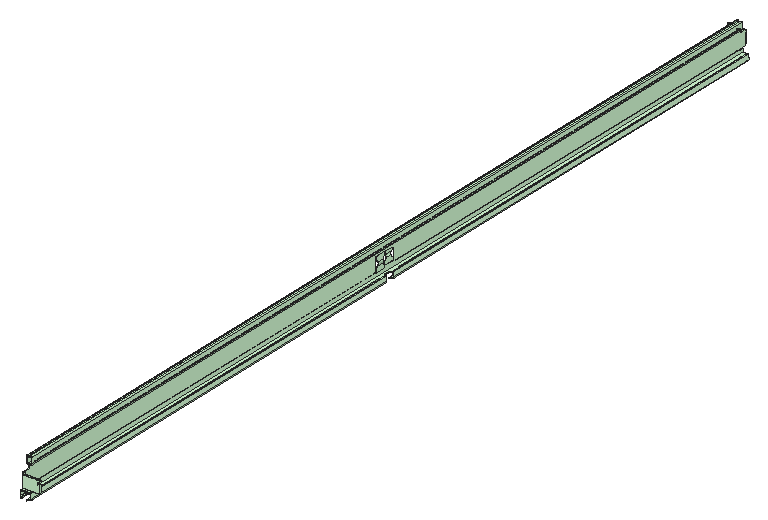
Revit family "eYバー4815メインクロス(600グリッド用）", category 機械設備, Revit 2020
Family settings
  丸型コネクタ寸法 = 直径を使用
  種別 = なし
  パーツ タイプ = 標準
  作業面ベース = いいえ
  常に垂直 = はい
  ロード時にボイドで切り取り = いいえ
  共有 = いいえ
  部屋計算ポイント = いいえ
Parameters
  製造元 = "株式会社桐井製作所"
  既定の高さ = 0 mm
  URL = "https://www.kirii.co.jp/"
  K_長さ(mm) = 1200 mm
  K_材質 = "溶融亜鉛めっき鋼板及び鋼帯SGCC 一般用　カラー鋼板"
  K_品名 = "eYバー4815メインクロス(600グリッド用)"
  K_名称 = "Yバー"
  K_入数 = "30"
  K_バージョン情報 = "20220411"
  K_めっき付着量 = "JIS G 3302 Z12、カラー鋼板　塗装膜厚20μ(白色)"
  K_JIS規格 = "JIS G 3302"
Reference planes
  plane 1 "中心(正面/背面)": y = 0
  plane 2: z = 0
  plane 3 "中心(左/右)": x = 0
  plane 4: y = 1200
Forms (mm)
  Extrusion 1, solid
    sketch origin (0, -1320, 7.1) x (-1, 0, 0) y (0, 0, 1)
      loop
        arc (6.336, -7.1) -> (7.064, -6.785) -> (7.334, -6.038) r 1
        line (7.334, -6.038) -> (6.959, -0.038)
        arc (6.959, -0.038) -> (6.645, 0.629) -> (5.961, 0.9) r 1
        line (5.961, 0.9) -> (0.4, 0.9) -> (0.4, 31)
        arc (0.4, 31) -> (0.715, 31.465) -> (1.263, 31.343) r 0.5
        arc (1.263, 31.343) -> (1.627, 31.018) -> (2.1, 30.9) r 1.011
        arc (2.1, 30.9) -> (2.736, 31.164) -> (3, 31.8) r 0.9
        line (3, 31.8) -> (3, 39.9)
        arc (3, 39.9) -> (2.473, 40.781) -> (1.448, 40.734) r 1
        line (1.448, 40.734) -> (0, 39.782) -> (-1.448, 40.734)
        arc (-1.448, 40.734) -> (-2.473, 40.781) -> (-3, 39.9) r 1
        line (-3, 39.9) -> (-3, 31.8)
        arc (-3, 31.8) -> (-2.736, 31.164) -> (-2.1, 30.9) r 0.9
        arc (-2.1, 30.9) -> (-1.627, 31.018) -> (-1.263, 31.343) r 1.011
        arc (-1.263, 31.343) -> (-0.715, 31.465) -> (-0.4, 31) r 0.5
        line (-0.4, 31) -> (-0.4, 0.9) -> (-5.961, 0.9)
        arc (-5.961, 0.9) -> (-6.645, 0.629) -> (-6.959, -0.036) r 1
        line (-6.959, -0.036) -> (-7.334, -6.039)
        arc (-7.334, -6.039) -> (-7.064, -6.785) -> (-6.336, -7.1) r 1
        line (-6.336, -7.1) -> (-3.65, -7.1)
        arc (-3.65, -7.1) -> (-3.4, -6.85) -> (-3.65, -6.6) r 0.25
        line (-3.65, -6.6) -> (-6.336, -6.6)
        arc (-6.336, -6.6) -> (-6.7, -6.442) -> (-6.835, -6.069) r 0.5
        line (-6.835, -6.069) -> (-6.46, -0.069)
        arc (-6.46, -0.069) -> (-6.2, 0.339) -> (-5.718, 0.337) r 0.5
        arc (-5.718, 0.337) -> (-5.317, 0.087) -> (-4.852, 0) r 1.28
        line (-4.852, 0) -> (4.852, 0)
        arc (4.852, 0) -> (5.317, 0.087) -> (5.718, 0.337) r 1.28
        arc (5.718, 0.337) -> (6.2, 0.339) -> (6.46, -0.069) r 0.5
        line (6.46, -0.069) -> (6.835, -6.069)
        arc (6.835, -6.069) -> (6.7, -6.442) -> (6.336, -6.6) r 0.5
        line (6.336, -6.6) -> (3.65, -6.6)
        arc (3.65, -6.6) -> (3.4, -6.85) -> (3.65, -7.1) r 0.25
        line (3.65, -7.1) -> (6.336, -7.1)
      loop
        arc (-1.668, 40.4) -> (-2.283, 40.429) -> (-2.6, 39.9) r 0.6
        line (-2.6, 39.9) -> (-2.6, 31.8)
        arc (-2.6, 31.8) -> (-2.302, 31.342) -> (-1.763, 31.431) r 0.5
        line (-1.763, 31.431) -> (-1.063, 31.885)
        arc (-1.063, 31.885) -> (-0.324, 31.692) -> (0, 31) r 0.9
        arc (0, 31) -> (0.324, 31.692) -> (1.063, 31.885) r 0.9
        line (1.063, 31.885) -> (1.763, 31.431)
        arc (1.763, 31.431) -> (2.302, 31.342) -> (2.6, 31.8) r 0.5
        line (2.6, 31.8) -> (2.6, 39.9)
        arc (2.6, 39.9) -> (2.283, 40.429) -> (1.668, 40.4) r 0.6
        line (1.668, 40.4) -> (0.549, 39.664)
        arc (0.549, 39.664) -> (0, 39.5) -> (-0.549, 39.664) r 1
        line (-0.549, 39.664) -> (-1.668, 40.4)
    from 1320 to 2520
  Extrusion 2, void
    sketch origin (0.4, 300, 38.1) x (0, 0, 1) y (0, 1, 0)
      loop
        line (-5.5, 284.4) -> (-5.5, 315.6) -> (-23.1, 315.6) -> (-23.1, 284.4) -> (-5.5, 284.4)
    from 0 to 0.8
  Extrusion 3, void
    sketch origin (0, 2112.859, 0) x (-1, 0, 0) y (0, -1, 0)
      loop
        line (8.021, 1505.493) -> (8.021, 1520.226) -> (3.318, 1516.682) -> (3.318, 1509.037) -> (8.021, 1505.493)
    from 0 to 8
  Extrusion 4, void
    sketch origin (0, 2112.859, 0) x (1, 0, 0) y (0, 1, 0)
      loop
        line (8.021, -1505.493) -> (3.318, -1509.037) -> (3.318, -1516.682) -> (8.021, -1520.226) -> (8.021, -1505.493)
    from 0 to 8
  Extrusion 5, solid
    sketch origin (-0.114, 4.062, 23.4) x (1, 0, 0) y (0, 1, 0)
      loop
        line (24.214, -7.2) -> (24.214, -6.4) -> (1.714, -6.4)
        arc (1.714, -6.4) -> (0.866, -6.049) -> (0.514, -5.2) r 1.2
        line (0.514, -5.2) -> (0.514, -2.803) -> (-0.286, -2.803) -> (-0.286, -5.2)
        arc (-0.286, -5.2) -> (0.3, -6.614) -> (1.714, -7.2) r 2
        line (1.714, -7.2) -> (24.214, -7.2)
    from -7.401 to 9.571
  Extrusion 6, void
    sketch origin (0, 4.062, 0) x (1, 0, 0) y (0, 0, 1)
      loop
        line (2.6, 31.999) -> (23.1, 31.999)
        arc (23.1, 31.999) -> (23.807, 31.706) -> (24.1, 30.999) r 1
        line (24.1, 30.999) -> (24.1, 32.971) -> (2.6, 32.971) -> (2.6, 31.999)
    from 6.4 to 7.2
  Extrusion 7, void
    sketch origin (0, 4.062, 0) x (1, 0, 0) y (0, 0, 1)
      loop
        line (24.1, 26.599) -> (24.1, 28.599) -> (21.1, 28.599) -> (21.1, 26.599) -> (24.1, 26.599)
    from 6.4 to 7.2
  Extrusion 8, void
    sketch origin (0, 4.062, 0) x (1, 0, 0) y (0, 0, 1)
      loop
        line (24.1, 15.999) -> (24.1, 16.999)
        arc (24.1, 16.999) -> (23.329, 16.289) -> (22.322, 15.999) r 2.28
        line (22.322, 15.999) -> (24.1, 15.999)
    from 6.4 to 7.2
  Extrusion 9, void
    sketch origin (0, 0, 0) x (1, 0, 0) y (0, 1, 0)
      loop
        line (-7.486, 0) -> (-3.854, 0) -> (-7.486, 3.632) -> (-7.486, 0)
    from -0.436 to 1.326
  Extrusion 10, void
    sketch origin (0, 0, 0) x (0, 1, 0) y (0, 0, 1)
      loop
        line (9.063, 48.134) -> (0, 48.134) -> (0, 32.971) -> (9.063, 32.971) -> (9.063, 48.134)
    from -3.77 to 3.77
  Extrusion 11, void
    sketch origin (0, 0, 0) x (0, 1, 0) y (0, 0, 1)
      loop
        line (10.963, 11.971) -> (10.963, 14.971) -> (0, 14.971) -> (0, 1.326) -> (3.047, 1.326) -> (3.047, 11.971) -> (10.963, 11.971)
    from -7.486 to 8.021
  Extrusion 12, void
    sketch origin (0, 0, 0) x (-1, 0, 0) y (0, -1, 0)
      loop
        line (-7.486, 0) -> (-7.486, -3.632) -> (-3.854, 0) -> (-7.486, 0)
    from -0.436 to 1.326
  Extrusion 13, void
    sketch origin (0, 1200, 0) x (0, -1, 0) y (0, 0, -1)
      loop
        line (10.963, -11.971) -> (3.047, -11.971) -> (3.047, -1.326) -> (0, -1.326) -> (0, -14.971) -> (10.963, -14.971) -> (10.963, -11.971)
    from -7.486 to 8.021
  Extrusion 14, void
    sketch origin (0, 1200, 0) x (1, 0, 0) y (0, 1, 0)
      loop
        line (-7.486, 0) -> (-7.486, -3.632) -> (-3.854, 0) -> (-7.486, 0)
    from -0.436 to 1.326
  Extrusion 15, void
    sketch origin (0, 1200, 0) x (0, -1, 0) y (0, 0, -1)
      loop
        line (9.063, -48.134) -> (9.063, -32.971) -> (0, -32.971) -> (0, -48.134) -> (9.063, -48.134)
    from -3.77 to 3.77
  Extrusion 16, void
    sketch origin (0, 1200, 0) x (-1, 0, 0) y (0, -1, 0)
      loop
        line (-7.486, 0) -> (-3.854, 0) -> (-7.486, 3.632) -> (-7.486, 0)
    from -0.436 to 1.326
  Extrusion 17, solid
    sketch origin (0, -1320, 7.1) x (1, 0, 0) y (0, 0, -1)
      loop
        line (6.336, 7.1) -> (3.65, 7.1)
        arc (3.65, 7.1) -> (3.4, 6.85) -> (3.65, 6.6) r 0.25
        line (3.65, 6.6) -> (6.336, 6.6)
        arc (6.336, 6.6) -> (6.7, 6.442) -> (6.835, 6.069) r 0.5
        line (6.835, 6.069) -> (6.46, 0.069)
        arc (6.46, 0.069) -> (6.2, -0.339) -> (5.718, -0.337) r 0.5
        arc (5.718, -0.337) -> (5.317, -0.087) -> (4.852, 0) r 1.28
        line (4.852, 0) -> (-4.852, 0)
        arc (-4.852, 0) -> (-5.317, -0.087) -> (-5.718, -0.337) r 1.28
        arc (-5.718, -0.337) -> (-6.2, -0.339) -> (-6.46, 0.069) r 0.5
        line (-6.46, 0.069) -> (-6.835, 6.069)
        arc (-6.835, 6.069) -> (-6.7, 6.442) -> (-6.336, 6.6) r 0.5
        line (-6.336, 6.6) -> (-3.65, 6.6)
        arc (-3.65, 6.6) -> (-3.4, 6.85) -> (-3.65, 7.1) r 0.25
        line (-3.65, 7.1) -> (-6.336, 7.1)
        arc (-6.336, 7.1) -> (-7.064, 6.785) -> (-7.334, 6.039) r 1
        line (-7.334, 6.039) -> (-6.959, 0.036)
        arc (-6.959, 0.036) -> (-6.645, -0.629) -> (-5.961, -0.9) r 1
        line (-5.961, -0.9) -> (-0.4, -0.9) -> (-0.4, -31)
        arc (-0.4, -31) -> (-0.715, -31.465) -> (-1.263, -31.343) r 0.5
        arc (-1.263, -31.343) -> (-1.627, -31.018) -> (-2.1, -30.9) r 1.011
        arc (-2.1, -30.9) -> (-2.736, -31.164) -> (-3, -31.8) r 0.9
        line (-3, -31.8) -> (-3, -39.9)
        arc (-3, -39.9) -> (-2.473, -40.781) -> (-1.448, -40.734) r 1
        line (-1.448, -40.734) -> (0, -39.782) -> (1.448, -40.734)
        arc (1.448, -40.734) -> (2.473, -40.781) -> (3, -39.9) r 1
        line (3, -39.9) -> (3, -31.8)
        arc (3, -31.8) -> (2.736, -31.164) -> (2.1, -30.9) r 0.9
        arc (2.1, -30.9) -> (1.627, -31.018) -> (1.263, -31.343) r 1.011
        arc (1.263, -31.343) -> (0.715, -31.465) -> (0.4, -31) r 0.5
        line (0.4, -31) -> (0.4, -0.9) -> (5.961, -0.9)
        arc (5.961, -0.9) -> (6.645, -0.629) -> (6.959, 0.038) r 1
        line (6.959, 0.038) -> (7.334, 6.038)
        arc (7.334, 6.038) -> (7.064, 6.785) -> (6.336, 7.1) r 1
      loop
        line (-1.668, -40.4) -> (-0.549, -39.664)
        arc (-0.549, -39.664) -> (0, -39.5) -> (0.549, -39.664) r 1
        line (0.549, -39.664) -> (1.668, -40.4)
        arc (1.668, -40.4) -> (2.283, -40.429) -> (2.6, -39.9) r 0.6
        line (2.6, -39.9) -> (2.6, -31.8)
        arc (2.6, -31.8) -> (2.302, -31.342) -> (1.763, -31.431) r 0.5
        line (1.763, -31.431) -> (1.063, -31.885)
        arc (1.063, -31.885) -> (0.324, -31.692) -> (0, -31) r 0.9
        arc (0, -31) -> (-0.324, -31.692) -> (-1.063, -31.885) r 0.9
        line (-1.063, -31.885) -> (-1.763, -31.431)
        arc (-1.763, -31.431) -> (-2.302, -31.342) -> (-2.6, -31.8) r 0.5
        line (-2.6, -31.8) -> (-2.6, -39.9)
        arc (-2.6, -39.9) -> (-2.283, -40.429) -> (-1.668, -40.4) r 0.6
    from 1320 to 2520
  Extrusion 18, void
    sketch origin (-0.4, 300, 38.1) x (0, 0, 1) y (0, -1, 0)
      loop
        line (-5.5, -284.4) -> (-23.1, -284.4) -> (-23.1, -315.6) -> (-5.5, -315.6) -> (-5.5, -284.4)
    from 0 to 0.8
  Extrusion 19, void
    sketch origin (0, 2112.859, 0) x (1, 0, 0) y (0, 1, 0)
      loop
        line (8.021, -1505.493) -> (3.318, -1509.037) -> (3.318, -1516.682) -> (8.021, -1520.226) -> (8.021, -1505.493)
    from 0 to 8
  Extrusion 20, void
    sketch origin (0.4, 318.192, 38.412) x (0, 0, 1) y (0, 1, 0)
      loop
        line (-19.9, 284.4) -> (-8.7, 284.4)
        arc (-8.7, 284.4) -> (-14.3, 287.9) -> (-19.9, 284.4) r 6.23
      loop
        line (-8.7, 297.4) -> (-19.9, 297.4)
        arc (-19.9, 297.4) -> (-14.3, 293.9) -> (-8.7, 297.4) r 6.23
    from 1.2 to 3.447
  Extrusion 21, solid
    sketch origin (0.081, 318.2, -0.26) x (1, 0, 0) y (0, 0, 1)
      loop
        line (-0.387, 33.66) -> (-2.087, 33.66) -> (-2.087, 26.56)
        arc (-2.087, 26.56) -> (-3.087, 24.26) -> (-2.088, 21.96) r 3.145
        line (-2.088, 21.96) -> (-2.087, 14.46) -> (-0.387, 14.46) -> (-0.387, 15.26) -> (-1.487, 15.26) -> (-1.487, 22.238)
        arc (-1.487, 22.238) -> (-2.487, 24.267) -> (-1.476, 26.291) r 2.545
        line (-1.476, 26.291) -> (-1.476, 32.86) -> (-0.387, 32.86) -> (-0.387, 33.66)
    from -297.4 to -284.4
  Extrusion 22, solid
    sketch origin (-0.081, 300, -0.26) x (-1, 0, 0) y (0, 0, -1)
      loop
        line (-0.387, -33.66) -> (-0.387, -32.86) -> (-1.476, -32.86) -> (-1.476, -26.291)
        arc (-1.476, -26.291) -> (-2.487, -24.267) -> (-1.487, -22.238) r 2.545
        line (-1.487, -22.238) -> (-1.487, -15.26) -> (-0.387, -15.26) -> (-0.387, -14.46) -> (-2.087, -14.46) -> (-2.088, -21.96)
        arc (-2.088, -21.96) -> (-3.087, -24.26) -> (-2.087, -26.56) r 3.145
        line (-2.087, -26.56) -> (-2.087, -33.66) -> (-0.387, -33.66)
    from -297.4 to -284.4
  Extrusion 23, void
    sketch origin (-0.4, 299.992, 38.413) x (0, 0, 1) y (0, -1, 0)
      loop
        arc (-19.9, -284.4) -> (-14.3, -287.9) -> (-8.7, -284.4) r 6.23
        line (-8.7, -284.4) -> (-19.9, -284.4)
      loop
        arc (-8.7, -297.4) -> (-14.3, -293.9) -> (-19.9, -297.4) r 6.23
        line (-19.9, -297.4) -> (-8.7, -297.4)
    from 1.2 to 3.447
  Extrusion 24, void
    sketch origin (0, 2112.859, 0) x (-1, 0, 0) y (0, -1, 0)
      loop
        line (8.021, 1505.493) -> (8.021, 1520.226) -> (3.318, 1516.682) -> (3.318, 1509.037) -> (8.021, 1505.493)
    from 0 to 8
  Extrusion 25, void
    sketch origin (0, 0, 0) x (-1, 0, 0) y (0, -1, 0)
      loop
        line (-7.486, 0) -> (-7.486, -3.632) -> (-3.854, 0) -> (-7.486, 0)
    from -0.436 to 1.326
  Extrusion 26, void
    sketch origin (0, 0, 0) x (0, 1, 0) y (0, 0, -1)
      loop
        line (9.063, -48.134) -> (9.063, -32.971) -> (0, -32.971) -> (0, -48.134) -> (9.063, -48.134)
    from -3.77 to 3.77
  Extrusion 27, void
    sketch origin (0, 0, 0) x (0, 1, 0) y (0, 0, -1)
      loop
        line (10.963, -11.971) -> (3.047, -11.971) -> (3.047, -1.326) -> (0, -1.326) -> (0, -14.971) -> (10.963, -14.971) -> (10.963, -11.971)
    from -7.486 to 8.021
  Extrusion 28, void
    sketch origin (0, 0, 0) x (1, 0, 0) y (0, 1, 0)
      loop
        line (-7.486, 0) -> (-3.854, 0) -> (-7.486, 3.632) -> (-7.486, 0)
    from -0.436 to 1.326
  Extrusion 29, void
    sketch origin (0, 1200, 0) x (0, -1, 0) y (0, 0, 1)
      loop
        line (10.963, 11.971) -> (10.963, 14.971) -> (0, 14.971) -> (0, 1.326) -> (3.047, 1.326) -> (3.047, 11.971) -> (10.963, 11.971)
    from -7.486 to 8.021
  Extrusion 30, solid
    sketch origin (0.114, 1195.937, 23.4) x (-1, 0, 0) y (0, -1, 0)
      loop
        line (24.214, -7.2) -> (24.214, -6.4) -> (1.714, -6.4)
        arc (1.714, -6.4) -> (0.866, -6.049) -> (0.514, -5.2) r 1.2
        line (0.514, -5.2) -> (0.514, -2.803) -> (-0.286, -2.803) -> (-0.286, -5.2)
        arc (-0.286, -5.2) -> (0.3, -6.614) -> (1.714, -7.2) r 2
        line (1.714, -7.2) -> (24.214, -7.2)
    from -7.401 to 8.599
  Extrusion 31, void
    sketch origin (0, 1200, 0) x (-1, 0, 0) y (0, -1, 0)
      loop
        line (-7.486, 0) -> (-3.854, 0) -> (-7.486, 3.632) -> (-7.486, 0)
    from -0.436 to 1.326
  Extrusion 32, void
    sketch origin (0, 1200, 0) x (0, -1, 0) y (0, 0, 1)
      loop
        line (9.063, 48.134) -> (0, 48.134) -> (0, 32.971) -> (9.063, 32.971) -> (9.063, 48.134)
    from -3.77 to 3.77
  Extrusion 33, void
    sketch origin (0, 1200, 0) x (1, 0, 0) y (0, 1, 0)
      loop
        line (-7.486, 0) -> (-7.486, -3.632) -> (-3.854, 0) -> (-7.486, 0)
    from -0.436 to 1.326
  Extrusion 34, void
    sketch origin (0, 1205.475, 0) x (-1, 0, 0) y (0, 0, -1)
      loop
        line (23.1, -31.999) -> (24.1, -31.999) -> (24.1, -30.999)
        arc (24.1, -30.999) -> (23.807, -31.706) -> (23.1, -31.999) r 1
    from 2.337 to 3.137
  Extrusion 35, void
    sketch origin (0, 1209.537, 0) x (-1, 0, 0) y (0, 0, -1)
      loop
        line (24.1, -26.599) -> (21.1, -26.599) -> (21.1, -28.599) -> (24.1, -28.599) -> (24.1, -26.599)
    from 6.4 to 7.2
  Extrusion 36, void
    sketch origin (0, 1209.537, 0) x (-1, 0, 0) y (0, 0, -1)
      loop
        line (24.1, -15.999) -> (22.322, -15.999)
        arc (22.322, -15.999) -> (23.329, -16.289) -> (24.1, -16.999) r 2.28
        line (24.1, -16.999) -> (24.1, -15.999)
    from 6.4 to 7.2
Cuts and joins
  Extrusion 2, Extrusion 3, Extrusion 4, Extrusion 9, Extrusion 10, Extrusion 11, Extrusion 12, Extrusion 13, Extrusion 14, Extrusion 15, Extrusion 16, Extrusion 18, Extrusion 25, Extrusion 26, Extrusion 32, Extrusion 34, Extrusion 35, Extrusion 36 cuts Extrusion 1
  Extrusion 6, Extrusion 7, Extrusion 8, Extrusion 11, Extrusion 13, Extrusion 15, Extrusion 18, Extrusion 25, Extrusion 26, Extrusion 32, Extrusion 34, Extrusion 35, Extrusion 36 cuts Extrusion 5
  joined: Extrusion 1, Extrusion 5
  Extrusion 18, Extrusion 19, Extrusion 24, Extrusion 25, Extrusion 26, Extrusion 27, Extrusion 28, Extrusion 29, Extrusion 31, Extrusion 32, Extrusion 33 cuts Extrusion 17
  Extrusion 20 cuts Extrusion 21
  Extrusion 23 cuts Extrusion 22
  Extrusion 34, Extrusion 35, Extrusion 36 cuts Extrusion 30
  joined: Extrusion 17, Extrusion 21, Extrusion 22, Extrusion 30
Dimensions and locks
  plane 4 to plane 1 "中心(正面/背面)" = 1200 mm
  aligned and locked: level to plane 2
  aligned and locked: plane 4 to Extrusion 1
